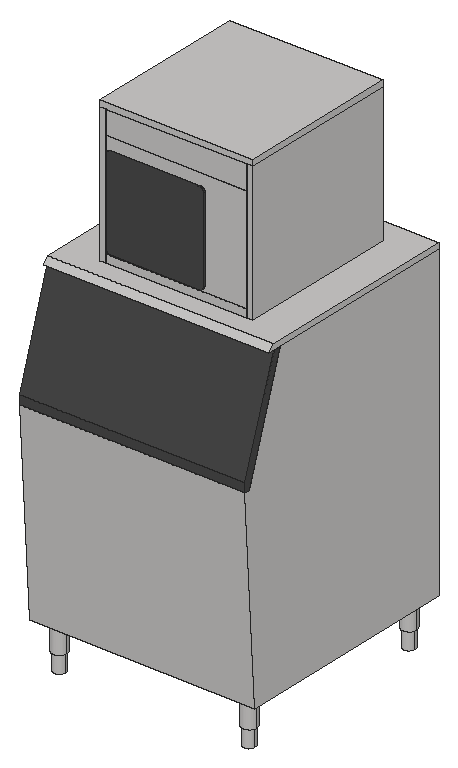
Revit family "QF_ZANUSSI_730291_IGF211M230SNP", category Attrezzature speciali, Revit 2018
Family settings
  Quota connettore circolare = Usa diametro
  Tipo di parte = Normale
  Basato su piano di lavoro = No
  Sempre verticale = Sì
  Taglio con vuoti quando caricato = No
  Condiviso = No
  Punto di calcolo locali = No
Parameters (values of type "Standard")
  Weight = 52.00 kg
  Watts = 0 W
  Volts = 220 V
  URL Manufacturer = "http://www.zanussiprofessional.com"
  URL = "http://www.zanussiprofessional.com"
  Steam Supply Size = 0 mm
  Steam Supply Minimum Pressure = 0.0 Pa
  Steam Supply Maximum Pressure = 0.0 Pa
  Steam Pounds per Hour = 0
  Show Logo [instance] = yes
  Show Clearance [instance] = yes
  Refrigeration Suction Line Size = 0 mm
  Refrigeration Liquid Line Size = 0 mm
  Refrigerant Compressor Remote = yes
  Produttore = "Zanussi"
  Phase = 1
  Modello = "IGF211M230SNP"
  Length Actual = 762 mm  # constant formula
  Item Number = "730291"
  Hot Water Size = 0 mm
  Height Actual = 1751 mm  # constant formula
  HP = "0 HP"
  Gas Size = 0 mm
  Gas KW = 0
  Gas Input Pressure = 0 W
  Descrizione = "AIR COOLED GRANULAR ICE 230KG/24H-BIN 230KG MODULAR"
  Depth Actual = 819 mm  # constant formula
  Cycle = 50 Hz
  Condensate Return Size = 0 mm
  Compressed Air Volume = 0.0 L/s
  Compressed Air Size = 0 mm
  Compressed Air Pressure = 0.0 Pa
  Cold Water Size = 19.05 mm
  Accessory = yes
Reference planes
  plane 1 "Center X": y = 272.851
  plane 2: z = 0
  plane 3 "Center Y": x = -501.5
  plane 4 "TOP": z = 1710
  plane 5: x = -264
  plane 6: z = 1252
  plane 7: z = 1690
  plane 8: z = 1610
  plane 9 "LEFT": x = -882.5
  plane 10 "RIGHT": x = -120.5
  plane 11 "FRONT": y = -136.649
  plane 12 "BACK": y = 682.351
  plane 13: z = 153
  plane 14: z = 825
  plane 15: y = -93.649
  plane 16: z = 1224
  plane 17: y = -35.649
  plane 18: z = 1204
Forms (mm)
  Extrusion 1, solid, material "QF_Finishes_Stainless Steel"
    sketch origin (0, 50.5, 1224) x (1, 0, 0) y (0, 1, 0)
      loop
        line (-759, 547.851) -> (-759, -2.149) -> (-739, -2.149) -> (-739, 547.851) -> (-759, 547.851)
      loop
        line (-264, 547.851) -> (-264, -2.149) -> (-244, -2.149) -> (-244, 547.851) -> (-264, 547.851)
    from 0 to 466
  Extrusion 2, solid, material "QF_Finishes_Stainless Steel"
    sketch origin (0, 50.5, 1224) x (1, 0, 0) y (0, 1, 0)
      loop
        line (-759, 547.851) -> (-759, -2.149) -> (-244, -2.149) -> (-244, 547.851) -> (-759, 547.851)
    from 466 to 486
  Extrusion 3, solid, material "QF_Finishes_Stainless Steel"
    sketch origin (0, 50.5, 1224) x (1, 0, 0) y (0, 1, 0)
      loop
        line (-739, 547.851) -> (-739, -2.149) -> (-264, -2.149) -> (-264, 547.851) -> (-739, 547.851)
    from 0 to 28
  Extrusion 4, solid, material "QF_Finishes_Black"
    sketch origin (-264, 48.351, 1224) x (-1, 0, 0) y (0, 0, -1)
      loop
        arc (457.5, -346) -> (468.107, -341.607) -> (472.5, -331) r 15
        line (472.5, -331) -> (472.5, -46.529)
        arc (472.5, -46.529) -> (468.107, -35.923) -> (457.5, -31.529) r 15
        line (457.5, -31.529) -> (156.771, -31.529)
        arc (156.771, -31.529) -> (146.165, -35.923) -> (141.771, -46.529) r 15
        line (141.771, -46.529) -> (141.771, -331)
        arc (141.771, -331) -> (146.165, -341.607) -> (156.771, -346) r 15
        line (156.771, -346) -> (457.5, -346)
    from 0 to 2
  Extrusion 5, solid, material "QF_Finishes_Stainless Steel"
    sketch origin (0, 50.5, 1582) x (1, 0, 0) y (0, 1, 0)
      loop
        line (-739, 17.851) -> (-739, -2.149) -> (-264, -2.149) -> (-264, 17.851) -> (-739, 17.851)
    from 28 to 108
  Extrusion 6, solid, material "QF_Finishes_Stainless Steel"
    sketch origin (-501.5, 50.5, 1224) x (0, 1, 0) y (0, 0, 1)
      loop
        line (547.851, 28) -> (547.851, 466) -> (17.851, 466) -> (17.851, 386) -> (-2.149, 386) -> (-2.149, 28) -> (547.851, 28)
    from -237.5 to 237.5
  Extrusion 7, solid, material "QF_Finishes_Stainless Steel"
    sketch origin (-530.119, 598.351, 466.153) x (0, 0, -1) y (-1, 0, 0)
      loop
        circle (-808.847, -214.119) r 10
    from 0 to 10
  Extrusion 8, solid, material "QF_Finishes_Stainless Steel"
    sketch origin (-560.119, 598.351, 479.153) x (0, 0, -1) y (-1, 0, 0)
      loop
        circle (-808.847, -214.119) r 10
    from 0 to 10
  Extrusion 9, solid, material "QF_Finishes_Stainless Steel"
    sketch origin (-570.119, 598.351, 454.153) x (0, 0, -1) y (-1, 0, 0)
      loop
        circle (-808.847, -214.119) r 10
    from 0 to 10
  Extrusion 10, solid, material "QF_Finishes_Stainless Steel"
    sketch origin (-501.5, 0, 0) x (0, 1, 0) y (0, 0, 1)
      loop
        line (-93.649, 153) -> (682.351, 153) -> (682.351, 1204) -> (8.276, 1204) -> (-122.224, 825) -> (-136.649, 825) -> (-93.649, 153)
    from -381 to 381
  Extrusion 11, solid, material "QF_Finishes_Black"
    sketch origin (-501.5, 0, 0) x (0, 1, 0) y (0, 0, 1)
      loop
        line (-122.224, 825) -> (8.276, 1204) -> (-16.479, 1204) -> (-136.649, 855) -> (-136.649, 825) -> (-122.224, 825)
    from -381 to 381
  Extrusion 12, solid, material "QF_Finishes_Stainless Steel"
    sketch origin (-501.5, 0, 0) x (0, 1, 0) y (0, 0, 1)
      loop
        line (682.351, 1204) -> (682.351, 1224) -> (-17.149, 1224) -> (-35.649, 1204) -> (682.351, 1204)
    from -381 to 381
  Extrusion 13, solid, material "QF_Finishes_Stainless Steel"
    sketch origin (-412.402, 52.938, 153) x (1, 0, 0) y (0, -1, 0)
      loop
        circle (-89.098, -499.413) r 10
    from 0 to 10
Lines and regions (mm)
  Split face 1
    outline origin (-264, 48.351, 1582) x (-1, 0, 0) y (0, 0, -1)
      loop
        line (111.166, -89.646) -> (111.166, -44.646) -> (36.166, -44.646) -> (36.166, -89.646) -> (111.166, -89.646)
  Split face 2
    outline origin (-264, 48.351, 1582) x (-1, 0, 0) y (0, 0, -1)
      loop
        line (66.801, -84.104) -> (66.801, -49.914) -> (41.176, -49.914) -> (41.176, -84.104) -> (66.801, -84.104)
  symbolic lines
    curve 1: line (-759, 598.351, 0) -> (-244, 598.351, 0)
    curve 2: line (-759, 48.351, 0) -> (-759, 598.351, 0)
    curve 3: line (-244, 48.351, 0) -> (-759, 48.351, 0)
    curve 4: line (-244, 598.351, 0) -> (-244, 48.351, 0)
    curve 5: line (-882.5, 682.351, 0) -> (-120.5, 682.351, 0)
    curve 6: line (-882.5, -136.649, 0) -> (-882.5, 682.351, 0)
    curve 7: line (-120.5, -136.649, 0) -> (-882.5, -136.649, 0)
    curve 8: line (-120.5, 682.351, 0) -> (-120.5, -136.649, 0)
    curve 9: line (-882.5, -35.649, 0) -> (-120.5, -35.649, 0)
    curve 10: line (-882.5, -17.149, 0) -> (-120.5, -17.149, 0)
Dimensions and locks
  Extrusion 3 to plane 2 = 1224 mm
  locked: plane 4 "TOP" to plane 7 at 20
  locked: plane 7 to plane 8 at 80
  equal spacing: plane 9 "LEFT", plane 3 "Center Y", plane 10 "RIGHT"
  plane 9 "LEFT" to plane 10 "RIGHT" = 762 mm
  equal spacing: plane 12 "BACK", plane 1 "Center X", plane 11 "FRONT"
  plane 12 "BACK" to plane 11 "FRONT" = 819 mm
  locked: plane 13 to plane 2 at 153
  plane 14 to plane 13 = 672 mm
  plane 12 "BACK" to plane 15 = 776 mm
  plane 12 "BACK" to plane 17 = 718 mm  (x2)
  aligned and locked: level to plane 2
  aligned and locked: plane 5 to Extrusion 1 sketch curve
  aligned and locked: plane 7 to Extrusion 1
  aligned and locked: Extrusion 2 sketch curve to Extrusion 1  (x4)
  aligned and locked: plane 4 "TOP" to Extrusion 2
  aligned and locked: Extrusion 2 to Extrusion 1
  aligned and locked: Extrusion 3 sketch curve to Extrusion 1  (x4)
  aligned and locked: plane 6 to Extrusion 3
  aligned and locked: Extrusion 6 sketch curve to plane 7
  aligned and locked: plane 6 to Extrusion 6 sketch curve
  aligned and locked: Extrusion 6 sketch curve to plane 8
  aligned and locked: Extrusion 6 sketch curve to Extrusion 5
  aligned and locked: plane 5 to Extrusion 6
  aligned and locked: plane 10 "RIGHT" to Extrusion 10
  aligned and locked: Extrusion 10 to plane 9 "LEFT"
  aligned and locked: plane 10 "RIGHT" to Extrusion 11
  aligned and locked: Extrusion 11 to plane 9 "LEFT"
  aligned and locked: plane 10 "RIGHT" to Extrusion 12
  aligned and locked: Extrusion 12 to plane 9 "LEFT"
Automatic sketch dimensions
  plane 6 to Extrusion 4 sketch curve = 18.529 mm
  plane 3 "Center Y" to Extrusion 4 sketch curve = 95.729 mm
  plane 6 to Extrusion 4 sketch curve = 3.529 mm
  Extrusion 4 sketch curve to Extrusion 4 sketch curve = 15 mm  (x2)
  Extrusion 4 sketch curve to plane 8 = 55 mm
  Extrusion 5 sketch curve to plane 5 = 0 mm
  Split face 1 sketch curve to Extrusion 5 = 36.166 mm
  Split face 1 sketch curve to Extrusion 5 = 16.646 mm
  Split face 1 sketch curve to Split face 1 sketch curve = 75 mm
  Split face 1 sketch curve to Extrusion 5 = 18.354 mm
  Split face 2 sketch curve to Extrusion 5 = 41.176 mm
  Split face 2 sketch curve to Split face 2 sketch curve = 25.625 mm
  Split face 2 sketch curve to Extrusion 5 = 23.896 mm
  Split face 2 sketch curve to Extrusion 5 = 21.914 mm
  Extrusion 6 to Extrusion 7 sketch curve = 23 mm
  Extrusion 6 to Extrusion 7 sketch curve = 52 mm
  Extrusion 6 to Extrusion 8 sketch curve = 36 mm
  Extrusion 6 to Extrusion 8 sketch curve = 82 mm
  Extrusion 6 to Extrusion 9 sketch curve = 11 mm
  Extrusion 6 to Extrusion 9 sketch curve = 92 mm
  Extrusion 10 sketch curve to plane 11 "FRONT" = 0 mm
  Extrusion 10 sketch curve to plane 13 = 0 mm
  Extrusion 10 sketch curve to plane 15 = 0 mm
  Extrusion 10 sketch curve to plane 15 = 28.575 mm
  Extrusion 10 sketch curve to plane 14 = 0 mm
  Extrusion 10 sketch curve to plane 16 = 20 mm
  Extrusion 10 sketch curve to plane 12 "BACK" = 0 mm
  Extrusion 12 sketch curve to plane 17 = 0 mm
  Extrusion 12 sketch curve to plane 12 "BACK" = 0 mm
  Extrusion 12 sketch curve to plane 18 = 0 mm
  Extrusion 12 sketch curve to plane 16 = 0 mm
  Extrusion 11 sketch curve to plane 11 "FRONT" = 0 mm
  Extrusion 11 sketch curve to plane 14 = 0 mm
  Extrusion 11 sketch curve to plane 18 = 0 mm
  Extrusion 11 sketch curve to Extrusion 11 sketch curve = 14.425 mm
  Extrusion 11 sketch curve to Extrusion 11 sketch curve = 30 mm
  curve 6 to plane 9 "LEFT" = 0 mm
  curve 8 to plane 10 "RIGHT" = 0 mm
  curve 7 to plane 11 "FRONT" = 0 mm
  plane 17 to curve 9 = 0 mm
  curve 5 to plane 12 "BACK" = 0 mm
  Extrusion 13 sketch curve to Extrusion 10 = 381 mm
  Extrusion 13 sketch curve to Extrusion 10 = 130 mm
  plane 5 to curve 4 = 20 mm
  Extrusion 1 sketch curve to Extrusion 1 sketch curve = 20 mm  (x2)
  plane 9 "LEFT" to curve 2 = 123.5 mm
  plane 9 "LEFT" to Extrusion 1 sketch curve = 143.5 mm
  plane 9 "LEFT" to Extrusion 4 sketch curve = 161 mm  (x2)
  plane 9 "LEFT" to Extrusion 5 sketch curve = 143.5 mm
  curve 1 to plane 12 "BACK" = 84 mm
  Extrusion 1 sketch curve to plane 12 "BACK" = 84 mm  (x2)
  Extrusion 6 sketch curve to plane 12 "BACK" = 84 mm
  curve 2 to plane 17 = 84 mm
  curve 10 to plane 17 = 18.5 mm
  Extrusion 1 sketch curve to plane 17 = 84 mm  (x2)
  Extrusion 5 sketch curve to plane 17 = 84 mm
  Extrusion 5 sketch curve to Extrusion 5 sketch curve = 20 mm
  Extrusion 6 sketch curve to Extrusion 6 sketch curve = 20 mm
  Extrusion 10 sketch curve to plane 17 = 43.925 mm
  Extrusion 11 sketch curve to plane 17 = 19.17 mm
  Extrusion 11 sketch curve to Extrusion 11 sketch curve = 24.755 mm
  Extrusion 12 sketch curve to plane 17 = 18.5 mm
  radius of Extrusion 7 sketch curve = 10 mm
  radius of Extrusion 8 sketch curve = 10 mm
  radius of Extrusion 9 sketch curve = 10 mm
  radius of Extrusion 13 sketch curve = 10 mm
Nested families
  nested 1: "Foot_Complete" at (-822.5, -43.649, 0), type "Foot_Complete"
  nested 2: "Foot_Complete" at (-180.5, -43.649, 0) x (-1, 0, 0) z (0, 0, 1), type "Foot_Complete"
  nested 3: "Foot_Complete" at (-822.5, 632.351, 0), type "Foot_Complete"
  nested 4: "Foot_Complete" at (-180.5, 632.351, 0) x (-1, 0, 0) z (0, 0, 1), type "Foot_Complete"
Connectors
  electrical at (-346, 608.351, 1288), driven by "Volts"
    settings: on Extrusion 8, index 1, voltage 220 V, apparent load 0 VA, apparent load phase1 0 VA, apparent load phase2 0 VA, apparent load phase3 0 VA, power factor 1, load classification "Altro", number of poles 1, system type 30, power factor state 1, is connector primary yes, connector utility no, sub classification motor no, connector description "Electrical Connection"
  piping at (-316, 608.351, 1275), diameter 20
    settings: on Extrusion 7, index 2, connector inside diameter 609.6 mm, connector length 0 mm, flow factor 0, pipe flow 0.0 L/s, pressure drop 0.0 Pa, fitting loss kfactor 0, connector angle 0.00°, fixture units 0, engagement length 0 mm, angle of deflection 0.00°, flow configuration 0, flow direction 0, fitting loss method 0, system type 20, joint type 0, gender type 0, connector reference index -1, connector utility 0, adjustable connector no, is connector primary yes, connector description "Cold water"
  piping at (-356, 608.351, 1263), diameter 20
    settings: on Extrusion 9, index 3, connector inside diameter 609.6 mm, connector length 0 mm, flow factor 0, pipe flow 0.0 L/s, pressure drop 0.0 Pa, fitting loss kfactor 0, connector angle 0.00°, fixture units 0, engagement length 0 mm, angle of deflection 0.00°, flow configuration 0, flow direction 0, fitting loss method 0, system type 16, joint type 0, gender type 0, connector reference index -1, connector utility 0, adjustable connector no, is connector primary no, connector description "Drain"
  piping at (-501.5, 552.351, 143), diameter 20
    settings: on Extrusion 13, index 4, connector inside diameter 609.6 mm, connector length 0 mm, flow factor 0, pipe flow 0.0 L/s, pressure drop 0.0 Pa, fitting loss kfactor 0, connector angle 0.00°, fixture units 0, engagement length 0 mm, angle of deflection 0.00°, flow configuration 0, flow direction 0, fitting loss method 0, system type 16, joint type 0, gender type 0, connector reference index -1, connector utility 0, adjustable connector no, is connector primary no, connector description "Drain"
Definition of nested family "Foot_Complete"
  Parameters (values of type "Foot_Complete")
    R = 25 mm
    H = 153 mm
  Reference planes
    plane 1 "Centro (Fronte/Retro)": y = 0
    plane 2: z = 0
    plane 3 "Centro (Sinistra/Destra)": x = 0
    plane 4: z = 153
  Forms (mm)
    Revolve 1, solid
      sketch origin (255.05, 0, 608.09) x (0, 0, 1) y (-1, 0, 0)
        loop
          line (-608.09, 255.05) -> (-608.09, 235.05) -> (-548.09, 235.05) -> (-548.09, 230.05) -> (-455.09, 230.05) -> (-455.09, 255.05) -> (-608.09, 255.05)
        axis (-608.09, 255.05) -> (-455.09, 255.05)
      angle from 0 to 360
  Dimensions and locks
    level to Revolve 1 sketch curve = 60 mm
    "R": Revolve 1 sketch curve to plane 3 "Centro (Sinistra/Destra)"
    "H": plane 4 to level
    aligned and locked: level to plane 2
    aligned and locked: plane 4 to Revolve 1 sketch curve
    aligned and locked: Revolve 1 sketch curve to level
    aligned and locked: plane 3 "Centro (Sinistra/Destra)" to Revolve 1 sketch curve
  Automatic sketch dimensions
    Revolve 1 sketch curve to plane 3 "Centro (Sinistra/Destra)" = 0 mm
    plane 3 "Centro (Sinistra/Destra)" to Revolve 1 sketch curve = 20 mm
    Revolve 1 sketch curve to Revolve 1 sketch curve = 50 mm
    Revolve 1 sketch curve to Revolve 1 sketch curve = 20 mm
